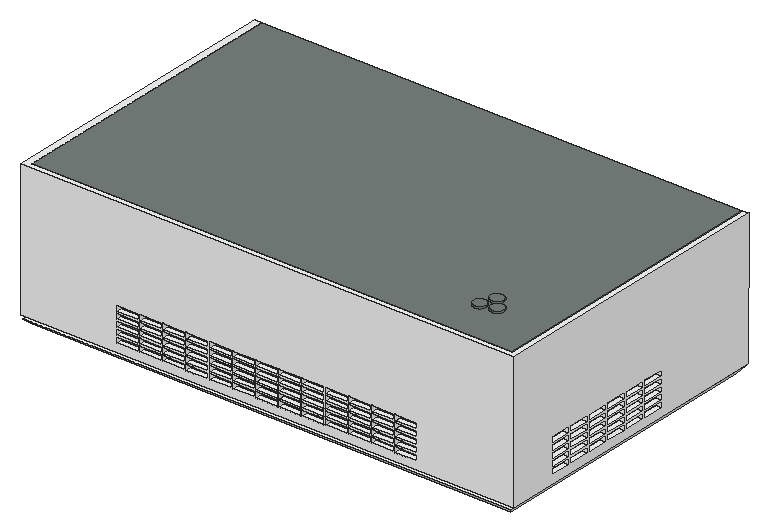
Revit family "AM 300 SHBB", category Mechanical Equipment, Revit 2019
Family settings
  Round Connector Dimension = Use Diameter
  Part Type = Normal
  OmniClass Number = 23.75.00.00
  OmniClass Title = Climate Control (HVAC)
  Work Plane-Based = No
  Always vertical = Yes
  Cut with Voids When Loaded = No
  Shared = No
  Room Calculation Point = No
Parameters
  Weight (Standard Unit) = 85  # constant formula
  Water Heating [instance] = yes
  Water Heater Surface Return = 15 mm  # constant formula
  Water Heater Surface IN = 15 mm  # constant formula
  URL = "www.airmaster-as.com"
  Total Width = 1180 mm  # constant formula
  Total Hight = 344 mm  # constant formula
  T-C Duct Supply = 187 mm  # constant formula
  T-C Duct Exhaust = 187 mm  # constant formula
  Suply Air In = 160 mm  # constant formula
  R-C Duct Supply = 133 mm  # constant formula
  Phase 1 - Max Power Consumption = "1175 W"
  Phase 1 - Max Current = "7,97 A"
  Nominal current, electrical preheating surface = "4,35 A"
  Nominal current, electrical comfort heating surface = "2,17 A"
  Nominal current, air handling unit = "1,45 A"
  Network Conection = "AWG 24 CAT 5e STP"
  Model = "AM 300 SHBB"
  Max. flow rate 35 dB(A) with ePM10 80% filters = 240.00 m³  # constant formula
  Max. flow rate 35 dB(A) with ePM10 55% filters = 270.00 m³  # constant formula
  Max. flow rate 35 dB(A) with ePM10 50% filters = 275.00 m³  # constant formula
  Max. flow rate 30 dB(A) with ePM10 80% filters = 180.00 m³  # constant formula
  Max. flow rate 30 dB(A) with ePM10 55% filters = 205.00 m³  # constant formula
  Max. flow rate 30 dB(A) with ePM10 50% filters = 210.00 m³  # constant formula
  Manufacturer = "Airmaster A/S"
  Maintenance [instance] = no
  L-C Duct Exhaust = 133 mm  # constant formula
  Exhaust Air = 160 mm  # constant formula
  Total Depth = 703 mm  # constant formula
  Electrical connection = "1 ~ 230 V / N / PE / 50 Hz"
  Drawn By = "LSB"
  Data Sheet = "https://www.airmaster-as.com/media/4938/15583-am300-en-rev-04.pdf"
  Condensate = 6 mm  # constant formula
  BMS Panel = "(PTS) 2x2x0,6"
  BMS Out = "(PTS) 2x2x0,6"
  BMS IN = "(PTS) 2x2x0,6"
  Airlow area [instance] = no
Reference planes
  plane 1 "Center (Front/Back)": y = 0
  plane 2: z = 0
  plane 3 "Center (Left/Right)": x = 0
  plane 4 "Center L/S": y = -703
  plane 5 "Center L/T": x = -590
  plane 6 "Center L/U": x = 590
  plane 7 "TOP": z = 344
  plane 8 "Center L/V": x = -575
  plane 9 "Center L/W": y = -688
  plane 10 "Center L/X": x = 575
  plane 11 "Panel Buttom": z = 20.747
  plane 12 "Panel Top": z = 330.347
  plane 13 "Hatch": z = 14.5
Forms (mm)
  Extrusion 1, solid, material "AM Grey"
    sketch origin (0, 0, 0) x (1, 0, 0) y (0, 1, 0)
      loop
        line (-575, 0) -> (-575, -688) -> (575, -688) -> (575, 0) -> (-575, 0)
    from 14.5 to 344
  Extrusion 2, solid, material "AM White"
    sketch origin (794.5, -1524, 20.747) x (0, -1, 0) y (-1, 0, 0)
      loop
        line (-1524, 1384.5) -> (-1524, 1369.5) -> (-836, 1369.5) -> (-836, 219.5) -> (-1524, 219.5) -> (-1524, 204.5) -> (-821, 204.5) -> (-821, 1384.5) -> (-1524, 1384.5)
    from 0 to -323.253
  Blend 3, solid, material "AM White"
    base sketch origin (-790.646, -1524, 14.5) x (0, -1, 0) y (1, 0, 0)
      loop
        line (-821, 207.613) -> (-821, 1373.657) -> (-1524, 1373.657) -> (-1524, 207.613) -> (-821, 207.613)
    top sketch origin (-790.646, -1524, 14.5) x (0, -1, 0) y (1, 0, 0)
      loop
        line (-836, 218.963) -> (-836, 1362.646) -> (-1509.161, 1362.646) -> (-1509.161, 218.963) -> (-836, 218.963)
    from 0 to -14.5
  Extrusion 4, solid, material "AM Grey"
    sketch origin (-575, 0, 0) x (1, 0, 0) y (0, 0, -1)
      loop
        circle (1032, -157) r 80
    from 0 to 18.45
  Extrusion 5, solid, material "Maintenece", visible <- "Maintenance"
    sketch origin (-790.646, -1524, 0) x (1, 0, 0) y (0, -1, 0)
      loop
        line (200.646, -1524) -> (1380.646, -1524) -> (1380.646, -821) -> (200.646, -821) -> (200.646, -1524)
    from 0 to 1200
  Extrusion 6, solid, material "Maintenece", visible <- "Airlow area"
    sketch origin (590, 0, 24.45) x (0, -1, 0) y (0, 0, -1)
      loop
        line (0, -98.297) -> (703, -98.297) -> (703, 21) -> (0, 21) -> (0, -98.297)
    from 0 to 500
  Extrusion 7, solid, material "AM Grey"
    sketch origin (0, 0, 344) x (1, 0, 0) y (0, 1, 0)
      loop
        circle (428.027, -549.273) r 15.55
    from 0 to 3
  Extrusion 8, solid, material "AM Grey"
    sketch origin (0, 0, 344) x (1, 0, 0) y (0, 1, 0)
      loop
        circle (452.132, -578.023) r 15.55
    from 0 to 3
  Extrusion 9, solid, material "AM Grey"
    sketch origin (0, 0, 344) x (1, 0, 0) y (0, 1, 0)
      loop
        circle (415.201, -584.535) r 15.55
    from 0 to 3
  Extrusion 10, void
    sketch origin (590, -703, 24.45) x (1, 0, 0) y (0, 0, -1)
      loop
        line (-950, -98.297) -> (-897.385, -98.297) -> (-897.385, -84.297) -> (-950, -84.297) -> (-950, -98.297)
      loop
        line (-950, -81.297) -> (-897.385, -81.297) -> (-897.385, -67.297) -> (-950, -67.297) -> (-950, -81.297)
      loop
        line (-950, -64.297) -> (-897.385, -64.297) -> (-897.385, -50.297) -> (-950, -50.297) -> (-950, -64.297)
      loop
        line (-950, -47.297) -> (-897.385, -47.297) -> (-897.385, -33.297) -> (-950, -33.297) -> (-950, -47.297)
      loop
        line (-950, -30.297) -> (-897.385, -30.297) -> (-897.385, -16.297) -> (-950, -16.297) -> (-950, -30.297)
      loop
        line (-894.385, -98.297) -> (-841.769, -98.297) -> (-841.769, -84.297) -> (-894.385, -84.297) -> (-894.385, -98.297)
      loop
        line (-894.385, -81.297) -> (-841.769, -81.297) -> (-841.769, -67.297) -> (-894.385, -67.297) -> (-894.385, -81.297)
      loop
        line (-894.385, -64.297) -> (-841.769, -64.297) -> (-841.769, -50.297) -> (-894.385, -50.297) -> (-894.385, -64.297)
      loop
        line (-894.385, -47.297) -> (-841.769, -47.297) -> (-841.769, -33.297) -> (-894.385, -33.297) -> (-894.385, -47.297)
      loop
        line (-894.385, -30.297) -> (-841.769, -30.297) -> (-841.769, -16.297) -> (-894.385, -16.297) -> (-894.385, -30.297)
      loop
        line (-838.769, -98.297) -> (-786.154, -98.297) -> (-786.154, -84.297) -> (-838.769, -84.297) -> (-838.769, -98.297)
      loop
        line (-838.769, -81.297) -> (-786.154, -81.297) -> (-786.154, -67.297) -> (-838.769, -67.297) -> (-838.769, -81.297)
      loop
        line (-838.769, -64.297) -> (-786.154, -64.297) -> (-786.154, -50.297) -> (-838.769, -50.297) -> (-838.769, -64.297)
      loop
        line (-838.769, -47.297) -> (-786.154, -47.297) -> (-786.154, -33.297) -> (-838.769, -33.297) -> (-838.769, -47.297)
      loop
        line (-838.769, -30.297) -> (-786.154, -30.297) -> (-786.154, -16.297) -> (-838.769, -16.297) -> (-838.769, -30.297)
      loop
        line (-783.154, -98.297) -> (-730.538, -98.297) -> (-730.538, -84.297) -> (-783.154, -84.297) -> (-783.154, -98.297)
      loop
        line (-783.154, -81.297) -> (-730.538, -81.297) -> (-730.538, -67.297) -> (-783.154, -67.297) -> (-783.154, -81.297)
      loop
        line (-783.154, -64.297) -> (-730.538, -64.297) -> (-730.538, -50.297) -> (-783.154, -50.297) -> (-783.154, -64.297)
      loop
        line (-783.154, -47.297) -> (-730.538, -47.297) -> (-730.538, -33.297) -> (-783.154, -33.297) -> (-783.154, -47.297)
      loop
        line (-783.154, -30.297) -> (-730.538, -30.297) -> (-730.538, -16.297) -> (-783.154, -16.297) -> (-783.154, -30.297)
      loop
        line (-727.538, -98.297) -> (-674.923, -98.297) -> (-674.923, -84.297) -> (-727.538, -84.297) -> (-727.538, -98.297)
      loop
        line (-727.538, -81.297) -> (-674.923, -81.297) -> (-674.923, -67.297) -> (-727.538, -67.297) -> (-727.538, -81.297)
      loop
        line (-727.538, -64.297) -> (-674.923, -64.297) -> (-674.923, -50.297) -> (-727.538, -50.297) -> (-727.538, -64.297)
      loop
        line (-727.538, -47.297) -> (-674.923, -47.297) -> (-674.923, -33.297) -> (-727.538, -33.297) -> (-727.538, -47.297)
      loop
        line (-727.538, -30.297) -> (-674.923, -30.297) -> (-674.923, -16.297) -> (-727.538, -16.297) -> (-727.538, -30.297)
      loop
        line (-671.923, -98.297) -> (-619.308, -98.297) -> (-619.308, -84.297) -> (-671.923, -84.297) -> (-671.923, -98.297)
      loop
        line (-671.923, -81.297) -> (-619.308, -81.297) -> (-619.308, -67.297) -> (-671.923, -67.297) -> (-671.923, -81.297)
      loop
        line (-671.923, -64.297) -> (-619.308, -64.297) -> (-619.308, -50.297) -> (-671.923, -50.297) -> (-671.923, -64.297)
      loop
        line (-671.923, -47.297) -> (-619.308, -47.297) -> (-619.308, -33.297) -> (-671.923, -33.297) -> (-671.923, -47.297)
      loop
        line (-671.923, -30.297) -> (-619.308, -30.297) -> (-619.308, -16.297) -> (-671.923, -16.297) -> (-671.923, -30.297)
      loop
        line (-616.308, -98.297) -> (-563.692, -98.297) -> (-563.692, -84.297) -> (-616.308, -84.297) -> (-616.308, -98.297)
      loop
        line (-616.308, -81.297) -> (-563.692, -81.297) -> (-563.692, -67.297) -> (-616.308, -67.297) -> (-616.308, -81.297)
      loop
        line (-616.308, -64.297) -> (-563.692, -64.297) -> (-563.692, -50.297) -> (-616.308, -50.297) -> (-616.308, -64.297)
      loop
        line (-616.308, -47.297) -> (-563.692, -47.297) -> (-563.692, -33.297) -> (-616.308, -33.297) -> (-616.308, -47.297)
      loop
        line (-616.308, -30.297) -> (-563.692, -30.297) -> (-563.692, -16.297) -> (-616.308, -16.297) -> (-616.308, -30.297)
      loop
        line (-560.692, -98.297) -> (-508.077, -98.297) -> (-508.077, -84.297) -> (-560.692, -84.297) -> (-560.692, -98.297)
      loop
        line (-560.692, -81.297) -> (-508.077, -81.297) -> (-508.077, -67.297) -> (-560.692, -67.297) -> (-560.692, -81.297)
      loop
        line (-560.692, -64.297) -> (-508.077, -64.297) -> (-508.077, -50.297) -> (-560.692, -50.297) -> (-560.692, -64.297)
      loop
        line (-560.692, -47.297) -> (-508.077, -47.297) -> (-508.077, -33.297) -> (-560.692, -33.297) -> (-560.692, -47.297)
      loop
        line (-560.692, -30.297) -> (-508.077, -30.297) -> (-508.077, -16.297) -> (-560.692, -16.297) -> (-560.692, -30.297)
      loop
        line (-505.077, -98.297) -> (-452.462, -98.297) -> (-452.462, -84.297) -> (-505.077, -84.297) -> (-505.077, -98.297)
      loop
        line (-505.077, -81.297) -> (-452.462, -81.297) -> (-452.462, -67.297) -> (-505.077, -67.297) -> (-505.077, -81.297)
      loop
        line (-505.077, -64.297) -> (-452.462, -64.297) -> (-452.462, -50.297) -> (-505.077, -50.297) -> (-505.077, -64.297)
      loop
        line (-505.077, -47.297) -> (-452.462, -47.297) -> (-452.462, -33.297) -> (-505.077, -33.297) -> (-505.077, -47.297)
      loop
        line (-505.077, -30.297) -> (-452.462, -30.297) -> (-452.462, -16.297) -> (-505.077, -16.297) -> (-505.077, -30.297)
      loop
        line (-449.462, -98.297) -> (-396.846, -98.297) -> (-396.846, -84.297) -> (-449.462, -84.297) -> (-449.462, -98.297)
      loop
        line (-449.462, -81.297) -> (-396.846, -81.297) -> (-396.846, -67.297) -> (-449.462, -67.297) -> (-449.462, -81.297)
      loop
        line (-449.462, -64.297) -> (-396.846, -64.297) -> (-396.846, -50.297) -> (-449.462, -50.297) -> (-449.462, -64.297)
      loop
        line (-449.462, -47.297) -> (-396.846, -47.297) -> (-396.846, -33.297) -> (-449.462, -33.297) -> (-449.462, -47.297)
      loop
        line (-449.462, -30.297) -> (-396.846, -30.297) -> (-396.846, -16.297) -> (-449.462, -16.297) -> (-449.462, -30.297)
      loop
        line (-393.846, -98.297) -> (-341.231, -98.297) -> (-341.231, -84.297) -> (-393.846, -84.297) -> (-393.846, -98.297)
      loop
        line (-393.846, -81.297) -> (-341.231, -81.297) -> (-341.231, -67.297) -> (-393.846, -67.297) -> (-393.846, -81.297)
      loop
        line (-393.846, -64.297) -> (-341.231, -64.297) -> (-341.231, -50.297) -> (-393.846, -50.297) -> (-393.846, -64.297)
      loop
        line (-393.846, -47.297) -> (-341.231, -47.297) -> (-341.231, -33.297) -> (-393.846, -33.297) -> (-393.846, -47.297)
      loop
        line (-393.846, -30.297) -> (-341.231, -30.297) -> (-341.231, -16.297) -> (-393.846, -16.297) -> (-393.846, -30.297)
      loop
        line (-338.231, -98.297) -> (-285.615, -98.297) -> (-285.615, -84.297) -> (-338.231, -84.297) -> (-338.231, -98.297)
      loop
        line (-338.231, -81.297) -> (-285.615, -81.297) -> (-285.615, -67.297) -> (-338.231, -67.297) -> (-338.231, -81.297)
      loop
        line (-338.231, -64.297) -> (-285.615, -64.297) -> (-285.615, -50.297) -> (-338.231, -50.297) -> (-338.231, -64.297)
      loop
        line (-338.231, -47.297) -> (-285.615, -47.297) -> (-285.615, -33.297) -> (-338.231, -33.297) -> (-338.231, -47.297)
      loop
        line (-338.231, -30.297) -> (-285.615, -30.297) -> (-285.615, -16.297) -> (-338.231, -16.297) -> (-338.231, -30.297)
      loop
        line (-282.615, -98.297) -> (-230, -98.297) -> (-230, -84.297) -> (-282.615, -84.297) -> (-282.615, -98.297)
      loop
        line (-282.615, -81.297) -> (-230, -81.297) -> (-230, -67.297) -> (-282.615, -67.297) -> (-282.615, -81.297)
      loop
        line (-282.615, -64.297) -> (-230, -64.297) -> (-230, -50.297) -> (-282.615, -50.297) -> (-282.615, -64.297)
      loop
        line (-282.615, -47.297) -> (-230, -47.297) -> (-230, -33.297) -> (-282.615, -33.297) -> (-282.615, -47.297)
      loop
        line (-282.615, -30.297) -> (-230, -30.297) -> (-230, -16.297) -> (-282.615, -16.297) -> (-282.615, -30.297)
    from 0 to 15
  Extrusion 11, void
    sketch origin (590, 0, 25.035) x (0, 1, 0) y (0, 0, -1)
      loop
        line (-588.9, -97.712) -> (-536.417, -97.712) -> (-536.417, -83.712) -> (-588.9, -83.712) -> (-588.9, -97.712)
      loop
        line (-588.9, -80.712) -> (-536.417, -80.712) -> (-536.417, -66.712) -> (-588.9, -66.712) -> (-588.9, -80.712)
      loop
        line (-588.9, -63.712) -> (-536.417, -63.712) -> (-536.417, -49.712) -> (-588.9, -49.712) -> (-588.9, -63.712)
      loop
        line (-588.9, -46.712) -> (-536.417, -46.712) -> (-536.417, -32.712) -> (-588.9, -32.712) -> (-588.9, -46.712)
      loop
        line (-588.9, -29.712) -> (-536.417, -29.712) -> (-536.417, -15.712) -> (-588.9, -15.712) -> (-588.9, -29.712)
      loop
        line (-533.417, -97.712) -> (-480.933, -97.712) -> (-480.933, -83.712) -> (-533.417, -83.712) -> (-533.417, -97.712)
      loop
        line (-533.417, -80.712) -> (-480.933, -80.712) -> (-480.933, -66.712) -> (-533.417, -66.712) -> (-533.417, -80.712)
      loop
        line (-533.417, -63.712) -> (-480.933, -63.712) -> (-480.933, -49.712) -> (-533.417, -49.712) -> (-533.417, -63.712)
      loop
        line (-533.417, -46.712) -> (-480.933, -46.712) -> (-480.933, -32.712) -> (-533.417, -32.712) -> (-533.417, -46.712)
      loop
        line (-533.417, -29.712) -> (-480.933, -29.712) -> (-480.933, -15.712) -> (-533.417, -15.712) -> (-533.417, -29.712)
      loop
        line (-477.933, -97.712) -> (-425.45, -97.712) -> (-425.45, -83.712) -> (-477.933, -83.712) -> (-477.933, -97.712)
      loop
        line (-477.933, -80.712) -> (-425.45, -80.712) -> (-425.45, -66.712) -> (-477.933, -66.712) -> (-477.933, -80.712)
      loop
        line (-477.933, -63.712) -> (-425.45, -63.712) -> (-425.45, -49.712) -> (-477.933, -49.712) -> (-477.933, -63.712)
      loop
        line (-477.933, -46.712) -> (-425.45, -46.712) -> (-425.45, -32.712) -> (-477.933, -32.712) -> (-477.933, -46.712)
      loop
        line (-477.933, -29.712) -> (-425.45, -29.712) -> (-425.45, -15.712) -> (-477.933, -15.712) -> (-477.933, -29.712)
      loop
        line (-422.45, -97.712) -> (-369.967, -97.712) -> (-369.967, -83.712) -> (-422.45, -83.712) -> (-422.45, -97.712)
      loop
        line (-422.45, -80.712) -> (-369.967, -80.712) -> (-369.967, -66.712) -> (-422.45, -66.712) -> (-422.45, -80.712)
      loop
        line (-422.45, -63.712) -> (-369.967, -63.712) -> (-369.967, -49.712) -> (-422.45, -49.712) -> (-422.45, -63.712)
      loop
        line (-422.45, -46.712) -> (-369.967, -46.712) -> (-369.967, -32.712) -> (-422.45, -32.712) -> (-422.45, -46.712)
      loop
        line (-422.45, -29.712) -> (-369.967, -29.712) -> (-369.967, -15.712) -> (-422.45, -15.712) -> (-422.45, -29.712)
      loop
        line (-366.967, -97.712) -> (-314.483, -97.712) -> (-314.483, -83.712) -> (-366.967, -83.712) -> (-366.967, -97.712)
      loop
        line (-366.967, -80.712) -> (-314.483, -80.712) -> (-314.483, -66.712) -> (-366.967, -66.712) -> (-366.967, -80.712)
      loop
        line (-366.967, -63.712) -> (-314.483, -63.712) -> (-314.483, -49.712) -> (-366.967, -49.712) -> (-366.967, -63.712)
      loop
        line (-366.967, -46.712) -> (-314.483, -46.712) -> (-314.483, -32.712) -> (-366.967, -32.712) -> (-366.967, -46.712)
      loop
        line (-366.967, -29.712) -> (-314.483, -29.712) -> (-314.483, -15.712) -> (-366.967, -15.712) -> (-366.967, -29.712)
      loop
        line (-311.483, -97.712) -> (-259, -97.712) -> (-259, -83.712) -> (-311.483, -83.712) -> (-311.483, -97.712)
      loop
        line (-311.483, -80.712) -> (-259, -80.712) -> (-259, -66.712) -> (-311.483, -66.712) -> (-311.483, -80.712)
      loop
        line (-311.483, -63.712) -> (-259, -63.712) -> (-259, -49.712) -> (-311.483, -49.712) -> (-311.483, -63.712)
      loop
        line (-311.483, -46.712) -> (-259, -46.712) -> (-259, -32.712) -> (-311.483, -32.712) -> (-311.483, -46.712)
      loop
        line (-311.483, -29.712) -> (-259, -29.712) -> (-259, -15.712) -> (-311.483, -15.712) -> (-311.483, -29.712)
    from 0 to 15
  Extrusion 12, solid, material "AM Grey", visible <- "Water Heating"
    sketch origin (-575, -688, 0) x (0, 1, 0) y (0, 0, -1)
      loop
        circle (325.216, -242.139) r 15.55
    from 0 to 36
  Extrusion 13, solid, material "AM Grey", visible <- "Water Heating"
    sketch origin (-575, -836.92, 39.903) x (0, 1, 0) y (0, 0, -1)
      loop
        circle (325.216, -242.139) r 15.55
    from 0 to 36
  Extrusion 14, solid, material "AM Grey"
    sketch origin (-590, 0, 20.747) x (0, -1, 0) y (0, 0, 1)
      loop
        circle (129, 134.753) r 80
    from 0 to 54
Cuts and joins
  Extrusion 10, Extrusion 11 cuts Extrusion 1
  Extrusion 10, Extrusion 11 cuts Extrusion 2
  Extrusion 11 cuts Extrusion 6
Dimensions and locks
  "Total Depth": plane 4 "Center L/S" to plane 1 "Center (Front/Back)"
  equal spacing: plane 5 "Center L/T", plane 3 "Center (Left/Right)", plane 6 "Center L/U"
  "Total Width": plane 5 "Center L/T" to plane 6 "Center L/U"
  "Total Hight": plane 7 "TOP" to level
  locked: plane 10 "Center L/X" to plane 6 "Center L/U" at 15
  locked: plane 4 "Center L/S" to plane 9 "Center L/W" at 15
  locked: plane 5 "Center L/T" to plane 8 "Center L/V" at 15
  Extrusion 1 to Blend 3 sketch curve = 14.839 mm
  "R-C Duct Supply": plane 6 "Center L/U" to Extrusion 4 sketch curve
  "T-C Duct Supply": plane 7 "TOP" to Extrusion 4 sketch curve
  "Suply Air In": diameter of Extrusion 4 sketch curve
  aligned and locked: level to plane 2
  aligned and locked: plane 1 "Center (Front/Back)" to Extrusion 1 sketch curve
  aligned and locked: plane 8 "Center L/V" to Extrusion 1 sketch curve
  aligned and locked: Extrusion 1 sketch curve to plane 9 "Center L/W"
  aligned and locked: Extrusion 1 sketch curve to plane 10 "Center L/X"
  aligned and locked: plane 7 "TOP" to Extrusion 1
  aligned and locked: plane 5 "Center L/T" to Extrusion 2 sketch curve
  aligned and locked: plane 4 "Center L/S" to Extrusion 2 sketch curve
  aligned and locked: plane 6 "Center L/U" to Extrusion 2 sketch curve
  aligned and locked: Extrusion 2 sketch curve to Extrusion 1  (x3)
  aligned and locked: plane 1 "Center (Front/Back)" to Extrusion 2 sketch curve
  aligned and locked: Blend 3 to plane 2
  aligned and locked: plane 13 "Hatch" to Extrusion 1
Automatic sketch dimensions
  plane 1 "Center (Front/Back)" to Extrusion 2 sketch curve = 0 mm
  plane 1 "Center (Front/Back)" to Blend 3 sketch curve = 0 mm
  plane 4 "Center L/S" to Blend 3 sketch curve = 0 mm
  plane 5 "Center L/T" to Blend 3 sketch curve = 6.967 mm
  Blend 3 sketch curve to plane 6 "Center L/U" = 6.989 mm
  plane 9 "Center L/W" to Blend 3 sketch curve = 0 mm
  plane 8 "Center L/V" to Blend 3 sketch curve = 3.316 mm
  Blend 3 sketch curve to plane 10 "Center L/X" = 3 mm
  Extrusion 5 sketch curve to Blend 3 = 18.316 mm
  Extrusion 5 sketch curve to Blend 3 = 18 mm
  Extrusion 5 sketch curve to Blend 3 = 15 mm
  Extrusion 5 sketch curve to Blend 3 = 14.839 mm
  Extrusion 6 sketch curve to plane 1 "Center (Front/Back)" = 0 mm
  Extrusion 6 sketch curve to plane 4 "Center L/S" = 0 mm
  Extrusion 6 sketch curve to plane 11 "Panel Buttom" = 102 mm
  level to Extrusion 6 sketch curve = 3.45 mm
  Extrusion 7 sketch curve to Extrusion 1 = 146.973 mm
  Extrusion 7 sketch curve to Extrusion 1 = 138.727 mm
  Extrusion 8 sketch curve to Extrusion 1 = 122.868 mm
  Extrusion 8 sketch curve to Extrusion 1 = 109.977 mm
  Extrusion 9 sketch curve to Extrusion 1 = 159.799 mm
  Extrusion 9 sketch curve to Extrusion 1 = 103.465 mm
  Extrusion 10 sketch curve to Extrusion 2 = 102 mm  (x2)
  Extrusion 10 sketch curve to Extrusion 2 = 230 mm
  Extrusion 10 sketch curve to Extrusion 2 = 20 mm
  Extrusion 10 sketch curve to Extrusion 10 sketch curve = 0 mm  (x115)
  Extrusion 10 sketch curve to Extrusion 10 sketch curve = 52.615 mm  (x13)
  Extrusion 10 sketch curve to Extrusion 10 sketch curve = 3 mm  (x88)
  Extrusion 10 sketch curve to Extrusion 10 sketch curve = 14 mm  (x40)
  Extrusion 2 to Extrusion 11 sketch curve = 114.1 mm
  Extrusion 11 sketch curve to Extrusion 11 sketch curve = 0 mm  (x59)
  Extrusion 11 sketch curve to Extrusion 11 sketch curve = 52.483 mm  (x6)
  Extrusion 11 sketch curve to Extrusion 11 sketch curve = 3 mm  (x38)
  Extrusion 11 sketch curve to Extrusion 2 = 102 mm  (x2)
  Extrusion 11 sketch curve to Extrusion 11 sketch curve = 14 mm  (x14)
  Extrusion 1 to Extrusion 12 sketch curve = 101.861 mm
  Extrusion 12 sketch curve to Extrusion 1 = 325.216 mm
  Extrusion 1 to Extrusion 13 sketch curve = 61.958 mm
  Extrusion 13 sketch curve to Extrusion 1 = 176.296 mm
  Extrusion 14 sketch curve to Extrusion 2 = 129 mm
  Extrusion 2 to Extrusion 14 sketch curve = 134.753 mm
  radius of Extrusion 7 sketch curve = 15.55 mm
  radius of Extrusion 8 sketch curve = 15.55 mm
  radius of Extrusion 9 sketch curve = 15.55 mm
  radius of Extrusion 12 sketch curve = 15.55 mm
  radius of Extrusion 13 sketch curve = 15.55 mm
  radius of Extrusion 14 sketch curve = 80 mm
Nested families
  nested 1: "Model Label 2019" at (0, -361.924, 0), Label <- "Model", type "Model Label 2019"
    with Label "AM 300 SHBB"
  nested 2: "Pil Indtag" at (1100, -364, 0) x (-1, 0, 0) z (0, 0, 1), type "Pil Indtag"
    with dX_ 609 mm, dX 609 mm, ang2D 0.00°
  nested 3: "indblæssymbol" at (0, -803, 0) x (0, -1, 0) z (0, 0, 1), type "indblæssymbol"
    with dX_ 609 mm, dX 609 mm, ang2D 0.00°
Connectors
  electrical at (428.027, -549.273, 344)
    settings: on Extrusion 7, index 13, voltage 230 V, apparent load 0 VA, apparent load phase1 0 VA, apparent load phase2 0 VA, apparent load phase3 0 VA, power factor 0.55, load classification "Other", number of poles 1, system type 30, power factor state 1, is connector primary yes, connector utility no, sub classification motor no, connector description ""
  electrical at (452.132, -578.023, 344), driven by "BMS Out"
    settings: on Extrusion 8, index 14, voltage 0 V, apparent load 0 VA, apparent load phase1 0 VA, apparent load phase2 0 VA, apparent load phase3 0 VA, power factor 1, load classification "Other", number of poles 1, system type 5, power factor state 1, is connector primary no, connector utility no, sub classification motor no, connector description "(PTS) 2x2x0,6"
  electrical at (415.201, -584.535, 344), driven by "BMS IN"
    settings: on Extrusion 9, index 15, voltage 0 V, apparent load 0 VA, apparent load phase1 0 VA, apparent load phase2 0 VA, apparent load phase3 0 VA, power factor 1, load classification "Other", number of poles 1, system type 5, power factor state 1, is connector primary no, connector utility no, sub classification motor no, connector description "(PTS) 2x2x0,6"
  piping at (-611, -362.784, 242.139), diameter 15, driven by "Water Heater Surface IN"
    settings: on Extrusion 12, index 16, connector inside diameter 609.6 mm, connector length 0 mm, flow factor 0, pipe flow 0.0 L/s, pressure drop 0.0 Pa, fitting loss kfactor 0, connector angle 0.00°, fixture units 0, engagement length 0 mm, angle of deflection 0.00°, flow configuration 0, flow direction 1, fitting loss method 0, system type 19, joint type 0, gender type 0, connector reference index -1, connector utility 0, adjustable connector no, is connector primary yes, connector description ""
  piping at (-611, -511.704, 282.042), diameter 15, driven by "Water Heater Surface IN"
    settings: on Extrusion 13, index 17, connector inside diameter 609.6 mm, connector length 0 mm, flow factor 0, pipe flow 0.0 L/s, pressure drop 0.0 Pa, fitting loss kfactor 0, connector angle 0.00°, fixture units 0, engagement length 0 mm, angle of deflection 0.00°, flow configuration 0, flow direction 2, fitting loss method 0, system type 19, joint type 0, gender type 0, connector reference index -1, connector utility 0, adjustable connector no, is connector primary no, connector description ""
  hvac at (457, 0, 157), driven by "Suply Air In"
    settings: on Extrusion 4, index 19, duct flow 0.0 L/s, flow factor 0, pres drop 0.0 Pa, loss coef 0, conn angle 0.00°, conn width 304.8 mm, conn height 304.8 mm, conn diameter 160 mm, duct sys type 1, conn prof type 0, flow config 0, flow direction 1, loss method 0, conn ref index -1, conn util no, is conn primary yes, conn desc ""
  hvac at (-590, -129, 155.5), driven by "Suply Air In"
    settings: on Extrusion 14, index 20, duct flow 0.0 L/s, flow factor 0, pres drop 0.0 Pa, loss coef 0, conn angle 0.00°, conn width 304.8 mm, conn height 304.8 mm, conn diameter 160 mm, duct sys type 3, conn prof type 0, flow config 0, flow direction 1, loss method 0, conn ref index -1, conn util no, is conn primary no, conn desc ""
Definition of nested family "Model Label 2019"
  Parameters (values of type "Model Label 2019")
    Label [instance] = ""
  Reference planes
    plane 1: y = 0
    plane 2: x = 0
  Text (mm)
    label "Label" at (-0.131, 0.049, 0), shows "Label"
Definition of nested family "Pil Indtag"
  Parameters (values of type "Pil Indtag")
    dX_ [instance] = if(dX = 0 mm, 1 mm, dX)  # 609 mm
    dX [instance] = 609 mm
    ang2D [instance] = 0.00°
    Type Comments = "DO NOT CHANGE dX value from 608 mm ( 2 ft )"
    Afstand pil = 50 mm
  Reference planes
    plane 1 "Center (Front/Back)": y = 0
    plane 2: z = 0
    plane 3 "Center (Left/Right)": x = 0
    plane 4: x = 500
  Lines and regions (mm)
    Filled region 1, type "Concrete", in view "Ref. Level"
      outline origin (0, 0, 0) x (1, 0, 0) y (0, 1, 0)
        loop
          line (499.552, 0) -> (401.072, 17.365) -> (401.072, -17.365) -> (499.552, 0)
    reference lines, in view "Ref. Level"
      curve 1: line (50, 134.129, 0) -> (50, -145.871, 0)
    detail lines, in view "Ref. Level", not visible
      curve 2: arc (335, 0, 0) -> (385.559, -50.321, 0) -> (434.999, 1.101, 0) r 50.01
      curve 3: arc (335, 0, 0) -> (285.666, 52.633, 0) -> (235.069, 1.212, 0) r 50.01
      curve 4: line (434.999, 1.101, 0) -> (434.999, 21.156, 0)
      curve 5: line (235.069, 1.212, 0) -> (235.069, -18.844, 0)
    detail lines, in view "Ref. Level"
      curve 6: arc (225.332, 0, 0) -> (272.332, -35.211, 0) -> (294.114, 19.326, 0) r 36.995
      curve 7: arc (225.206, 0, 0) -> (173.868, 30.307, 0) -> (156.85, -26.829, 0) r 37.835
      curve 8: line (499.552, 0, 0) -> (401.072, 17.365, 0)
      curve 9: line (401.072, 17.365, 0) -> (401.072, -17.365, 0)
      curve 10: line (401.072, -17.365, 0) -> (499.552, 0, 0)
      curve 11: line (499.552, 0, 0) -> (-15.448, 0, 0)
  Dimensions and locks
    "Afstand pil": plane 3 "Center (Left/Right)" to curve 1
    plane 3 "Center (Left/Right)" to plane 4 = 500 mm
  Automatic sketch dimensions
    plane 1 "Center (Front/Back)" to Filled region 1 sketch curve = 0 mm
    Filled region 1 sketch curve to plane 4 = 0.448 mm
    plane 1 "Center (Front/Back)" to Filled region 1 sketch curve = 17.365 mm
    Filled region 1 sketch curve to plane 4 = 98.928 mm
    Filled region 1 sketch curve to plane 1 "Center (Front/Back)" = 17.365 mm
    plane 1 "Center (Front/Back)" to curve 11 = 0 mm
    plane 1 "Center (Front/Back)" to curve 7 = 4.913 mm
    plane 3 "Center (Left/Right)" to curve 7 = 187.691 mm
    curve 6 to plane 1 "Center (Front/Back)" = 0.405 mm
    curve 7 to curve 6 = 74.634 mm
    curve 9 to plane 1 "Center (Front/Back)" = 17.365 mm
    curve 9 to plane 4 = 98.928 mm
    curve 11 to plane 4 = 0.448 mm
    plane 1 "Center (Front/Back)" to curve 10 = 17.365 mm
    curve 7 to curve 7 = 30.842 mm
    curve 11 to plane 3 "Center (Left/Right)" = 15.448 mm
    curve 7 to curve 6 = 37.119 mm
    curve 7 to curve 6 = 0.126 mm
    curve 6 to plane 1 "Center (Front/Back)" = 19.326 mm
    plane 1 "Center (Front/Back)" to curve 1 = 145.871 mm
    curve 1 to plane 1 "Center (Front/Back)" = 134.129 mm
Definition of nested family "indblæssymbol"
  Parameters (values of type "indblæssymbol")
    dX_ [instance] = if(dX = 0 mm, 1 mm, dX)  # 609 mm
    dX [instance] = 609 mm
    ang2D [instance] = 0.00°
    Type Comments = "DO NOT CHANGE dX value from 608 mm ( 2 ft )"
    Afstand pil = 50 mm
  Reference planes
    plane 1 "Center (Front/Back)": y = 0
    plane 2: z = 0
    plane 3 "Center (Left/Right)": x = 0
  Lines and regions (mm)
    Filled region 1, type "Concrete", in view "Ref. Level"
      outline origin (50.005, 0, 0) x (1, 0, 0) y (0, 1, 0)
        loop
          line (399.995, 0.414) -> (301.442, 17.365) -> (301.588, -17.365) -> (399.995, 0.414)
    reference lines, in view "Ref. Level"
      curve 1: line (50, 134.129, 0) -> (50, -145.871, 0)
    detail lines, in view "Ref. Level"
      curve 2: line (351.52, 0, 0) -> (50, 0, 0)
  Dimensions and locks
    "Afstand pil": plane 3 "Center (Left/Right)" to curve 1
    curve 1 to Filled region 1 = 400 mm
  Automatic sketch dimensions
    Filled region 1 sketch curve to plane 1 "Center (Front/Back)" = 0.414 mm
    plane 3 "Center (Left/Right)" to Filled region 1 sketch curve = 450 mm
    plane 1 "Center (Front/Back)" to Filled region 1 sketch curve = 17.365 mm
    Filled region 1 sketch curve to Filled region 1 sketch curve = 98.407 mm
    Filled region 1 sketch curve to plane 1 "Center (Front/Back)" = 17.365 mm
    Filled region 1 sketch curve to Filled region 1 sketch curve = 0.146 mm
    plane 1 "Center (Front/Back)" to curve 2 = 0 mm
    plane 3 "Center (Left/Right)" to curve 2 = 50 mm
    curve 2 to curve 2 = 301.52 mm
    plane 1 "Center (Front/Back)" to curve 1 = 145.871 mm
    curve 1 to plane 1 "Center (Front/Back)" = 134.129 mm
